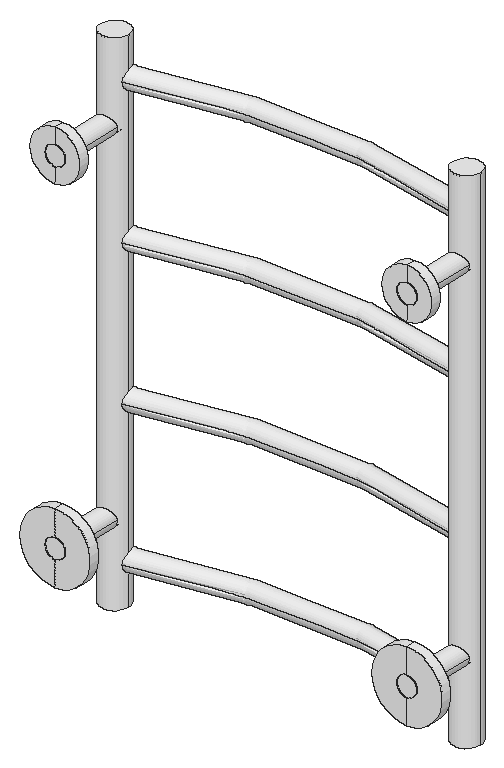
Revit family "LC-4", category Generic Models, host Wall, Revit 2017
Family settings
  Host = Wall
  Can host rebar = No
  Round Connector Dimension = Use Diameter
  Part Type = Normal
  Always vertical = Yes
  Cut with Voids When Loaded = No
  Shared = No
  Room Calculation Point = No
Parameters (values of type "350")
  URL = "http://www.sentakia.com/vesikiertoiset-pyyhekuivaimet/"
  Teho = "kromi: 50 W maalattu: 65 W"
  Sentakia_Material_Default = Steel Chrome plated_sentakia
  RAL-väri [instance] = yes
  RAL-koodi [instance] = ""
  Model = "LC-4/350"
  Materiaali = "kromattu messinki (CuZn36As)"
  Manufacturer = "Sentakia Oy"
  Leveys = 350 mm
  LVI = "5489939"
  Keynote = "6120"
  Kenkäkoukkupari [instance] = no
  Height = 510 mm  # constant formula
  ELO-600 kromi [instance] = no
  EAN = "4770046007566"
  Depth = 88 mm  # constant formula
  Assembly Code = ""
  2-osainen koukku pitkä [instance] = no
  2-osainen koukku lyhyt [instance] = no
Types (3, lengths in mm): name | Teho | Model | Leveys | LVI | EAN
  350 | "kromi: 50 W maalattu: 65 W" | "LC-4/350" | 350 | "5489939" | "4770046007566"
  500 | "kromi: 56 W maalattu: 73 W" | "LC-4/500" | 500 | "5489940" | "4770046005999"
  600 | "kromi: 68 W maalattu: 88 W" | "LC-4/600" | 600 | "5489941" | "4770046007573"
Reference planes
  plane 1 "Wall": y = 0
  plane 2 "Center (Left/Right)": x = 125
  plane 3 "Back": y = 75
  plane 4: z = 1880
  plane 5: y = 163
  plane 6: y = 135
  plane 7 "Center of lower handler": z = 1450
  plane 8: z = 1800
  plane 9: z = 1790
  plane 10: z = 1400
  plane 11: z = 1380
  plane 12 "r": x = 300
  plane 13 "l": x = -50
  plane 14: y = 149
  plane 15: y = 159
  plane 16: y = 139
  plane 17 "Tikas1": z = 1840
  plane 18 "Tikas2": z = 1696.667
  plane 19 "Tikas3": z = 1553.333
  plane 20 "Tikas4": z = 1410
  plane 21 "Bottom": z = 1370
  plane 22: y = 200
Forms (mm)
  Extrusion 1, solid, material "Steel Chrome plated_sentakia" <- "Sentakia_Material_Default", detail levels medium+fine
    sketch origin (0, 0, 0) x (1, 0, 0) y (0, 0, 1)
      loop
        circle (300, 1450) r 10
    from -149 to -75
  Extrusion 2, solid, material "Steel Chrome plated_sentakia" <- "Sentakia_Material_Default", detail levels medium+fine
    sketch origin (0, 0, 0) x (1, 0, 0) y (0, 0, 1)
      loop
        circle (-50, 1450) r 10
    from -149 to -75
  Extrusion 3, solid, material "Steel Chrome plated_sentakia" <- "Sentakia_Material_Default", detail levels medium+fine
    sketch origin (0, 0, 310) x (1, 0, 0) y (0, 0, 1)
      loop
        circle (-50, 1490) r 10
    from -149 to -75
  Extrusion 4, solid, material "Steel Chrome plated_sentakia" <- "Sentakia_Material_Default", detail levels medium+fine
    sketch origin (0, 0, 0) x (1, 0, 0) y (0, 1, 0)
      loop
        circle (-50, 149) r 14
    from 1370 to 1880
  Extrusion 5, solid, material "Steel Chrome plated_sentakia" <- "Sentakia_Material_Default", detail levels medium+fine
    sketch origin (0, 0, 0) x (1, 0, 0) y (0, 1, 0)
      loop
        circle (300, 149) r 14
    from 1370 to 1880
  Revolve 6, solid, material "Steel Chrome plated_sentakia" <- "Sentakia_Material_Default", detail levels medium+fine
    sketch origin (300, 0, 0) x (0, 0, 1) y (0, 1, 0)
      loop
        line (1810, 75) -> (1825, 75) -> (1825, 85) -> (1810, 85) -> (1810, 75)
      axis (1800, 75) -> (1800, 85)
    angle from 0 to 360
  Revolve 7, solid, material "Steel Chrome plated_sentakia" <- "Sentakia_Material_Default", detail levels medium+fine
    sketch origin (-50, 0, 0) x (0, 0, 1) y (0, 1, 0)
      loop
        line (1810, 75) -> (1825, 75) -> (1825, 85) -> (1810, 85) -> (1810, 75)
      axis (1800, 75) -> (1800, 85)
    angle from 0 to 360
  Extrusion 8, solid, material "Steel Chrome plated_sentakia" <- "Sentakia_Material_Default", detail levels medium+fine
    sketch origin (0, 0, 0) x (1, 0, 0) y (0, 0, 1)
      loop
        circle (300, 1800) r 10
    from -149 to -75
  Extrusion 9, solid, material "Steel Chrome plated_sentakia" <- "Sentakia_Material_Default", detail levels coarse
    sketch origin (125, 0, 0) x (0, 1, 0) y (0, 0, 1)
      loop
        line (200, 1880) -> (75, 1880) -> (75, 1370) -> (200, 1370) -> (200, 1880)
    from -175 to 175
  Sweep 10, solid, material "Steel Chrome plated_sentakia" <- "Sentakia_Material_Default", detail levels medium+fine
    path origin (-8600, 149, 1410) x (-1, 0, 0) y (0, 1, 0)
      loop
        arc (-8550, 0) -> (-8725, 25.521) -> (-8900, 0) r 612.766
    profile origin (125, 174.521, 1410) x (0, 1, 0) y (0, 0, 1)
      loop
        circle (0, 0) r 10
  Sweep 11, solid, material "Steel Chrome plated_sentakia" <- "Sentakia_Material_Default", detail levels medium+fine
    path origin (0, 0, 1553.333) x (-1, 0, 0) y (0, 1, 0)
      loop
        arc (50, 149) -> (-125, 174.521) -> (-300, 149) r 612.766
    profile origin (125, 174.521, 1553.333) x (0, 1, 0) y (0, 0, 1)
      loop
        circle (0, 0) r 10
  Sweep 12, solid, material "Steel Chrome plated_sentakia" <- "Sentakia_Material_Default", detail levels medium+fine
    path origin (0, 0, 1696.667) x (0, 1, 0) y (-1, 0, 0)
      loop
        arc (149, 50) -> (174.521, -125) -> (149, -300) r 612.766
    profile origin (125, 174.521, 1696.667) x (0, 1, 0) y (0, 0, 1)
      loop
        circle (0, 0) r 10
  Sweep 13, solid, material "Steel Chrome plated_sentakia" <- "Sentakia_Material_Default", detail levels medium+fine
    path origin (0, 0, 1840) x (0, 1, 0) y (-1, 0, 0)
      loop
        arc (149, 50) -> (174.521, -125) -> (149, -300) r 612.766
    profile origin (125, 174.521, 1840) x (0, 1, 0) y (0, 0, 1)
      loop
        circle (0, 0) r 10
  Revolve 14, solid, material "Steel Chrome plated_sentakia" <- "Sentakia_Material_Default", detail levels medium+fine
    sketch origin (300, 0, 0) x (0, 0, 1) y (0, 1, 0)
      loop
        line (1460, 75) -> (1485, 75) -> (1485, 85) -> (1460, 95) -> (1460, 75)
      axis (1450, 75) -> (1450, 95)
    angle from 0 to 360
  Revolve 15, solid, material "Steel Chrome plated_sentakia" <- "Sentakia_Material_Default", detail levels medium+fine
    sketch origin (-50, 0, 0) x (0, 0, 1) y (0, 1, 0)
      loop
        line (1460, 75) -> (1485, 75) -> (1485, 85) -> (1460, 95) -> (1460, 75)
      axis (1450, 75) -> (1450, 95)
    angle from 0 to 360
Cuts and joins
  joined: Extrusion 4, Extrusion 5, Sweep 10, Sweep 11, Sweep 12, Sweep 13
Text (mm)
  text "Placement Side" at (-1848.837, 1116.779, 0), in view "Ref. Level"
  text "Placement side" at (0, 1409.804, 2854.306), in view "Left"
  text "Placement side" at (0, 499.811, 2980.732), in view "Right"
Dimensions and locks
  locked: plane 3 "Back" to host wall
  "Depth": plane 5 to host wall
  locked: plane 5 to plane 6 at 28
  "Leveys": plane 13 "l" to plane 12 "r"
  plane 8 to level = 1800 mm
  locked: host wall to plane 14 at 74
  locked: plane 15 to plane 16 at 20
  plane 21 "Bottom" to plane 7 "Center of lower handler" = 80 mm
  plane 4 to plane 8 = 80 mm
  plane 8 to plane 18 "Tikas2" to plane 7 "Center of lower handler" = 103.333 mm, 246.667 mm
  equal spacing: plane 13 "l", plane 2 "Center (Left/Right)", plane 12 "r"
  "Height": plane 21 "Bottom" to plane 4
  equal spacing: plane 20 "Tikas4", plane 19 "Tikas3", plane 18 "Tikas2", plane 17 "Tikas1"
  plane 22 to Extrusion 9 = 125 mm
  locked: plane 8 to plane 4 at 80
  locked: plane 21 "Bottom" to plane 7 "Center of lower handler" at 80
  equal spacing: plane 8, plane 17 "Tikas1", plane 4
  equal spacing: plane 21 "Bottom", plane 20 "Tikas4", plane 7 "Center of lower handler"
  aligned and locked: plane 1 "Wall" to host wall
  aligned and locked: Extrusion 1 to host wall
  aligned and locked: Extrusion 2 to host wall
  aligned and locked: Extrusion 3 to host wall
  aligned and locked: Extrusion 2 to plane 14
  aligned and locked: Extrusion 1 to Extrusion 2
  aligned and locked: plane 4 to Extrusion 4
  aligned and locked: plane 4 to Extrusion 5
  aligned and locked: Revolve 6 sketch curve to plane 8
  aligned and locked: Revolve 7 sketch curve to plane 8
  aligned and locked: Extrusion 8 to host wall
  aligned and locked: plane 13 "l" to Extrusion 3 sketch curve
  aligned and locked: plane 12 "r" to Extrusion 8 sketch curve
  aligned and locked: plane 8 to Extrusion 8 sketch curve
  aligned and locked: Extrusion 3 to Extrusion 8
  aligned and locked: Extrusion 8 to plane 14
  aligned and locked: cut or joined group of Extrusion 4, Extrusion 5, Sweep 10, Sweep 11, Sweep 12, Sweep 13 to plane 21 "Bottom"  (x2)
  aligned and locked: plane 4 to Extrusion 9
  aligned and locked: Extrusion 9 to cut or joined group of Extrusion 4, Extrusion 5, Sweep 10, Sweep 11, Sweep 12, Sweep 13
  aligned and locked: Extrusion 9 to plane 12 "r"
  aligned and locked: plane 13 "l" to Extrusion 9
  aligned and locked: Extrusion 9 to host wall
  aligned and locked: plane 22 to Extrusion 9
  aligned and locked: Extrusion 1 to Revolve 14 sketch curve
  aligned and locked: Revolve 14 sketch curve to Extrusion 1
Automatic sketch dimensions
  Extrusion 1 sketch curve to plane 7 "Center of lower handler" = 0 mm
  plane 12 "r" to Extrusion 1 sketch curve = 0 mm
  Extrusion 2 sketch curve to plane 7 "Center of lower handler" = 0 mm
  plane 13 "l" to Extrusion 2 sketch curve = 0 mm
  Extrusion 3 sketch curve to plane 8 = 0 mm
  Extrusion 4 sketch curve to plane 13 "l" = 0 mm
  plane 14 to Extrusion 4 sketch curve = 0 mm
  Extrusion 5 sketch curve to plane 12 "r" = 0 mm
  plane 14 to Extrusion 5 sketch curve = 0 mm
  Revolve 6 sketch curve to host wall = 0 mm  (x2)
  plane 8 to Revolve 6 sketch curve = 10 mm
  Revolve 6 sketch curve to plane 17 "Tikas1" = 15 mm
  host wall to Revolve 6 sketch curve = 10 mm
  plane 6 to Revolve 6 sketch curve = 20 mm
  Revolve 7 sketch curve to host wall = 0 mm  (x2)
  Revolve 7 sketch curve to Revolve 7 sketch curve = 10 mm
  Revolve 7 sketch curve to plane 17 "Tikas1" = 15 mm
  host wall to Revolve 7 sketch curve = 10 mm
  plane 6 to Revolve 7 sketch curve = 20 mm
  Extrusion 9 sketch curve to host wall = 0 mm
  Extrusion 9 sketch curve to plane 21 "Bottom" = 0 mm
  Extrusion 9 sketch curve to plane 22 = 0 mm
  Extrusion 9 sketch curve to plane 4 = 0 mm
  Sweep 10 sketch curve to plane 12 "r" = 0 mm
  Sweep 10 sketch curve to plane 2 "Center (Left/Right)" = 0 mm
  Sweep 10 sketch curve to plane 13 "l" = 0 mm
  plane 14 to Sweep 10 sketch curve = 0 mm
  Sweep 10 sketch curve to plane 1 "Wall" = 438.245 mm
  plane 20 "Tikas4" to Sweep 10 sketch curve = 0 mm
  Sweep 10 sketch curve to profile plane = 0 mm
  Sweep 11 sketch curve to plane 12 "r" = 0 mm
  Sweep 11 sketch curve to plane 2 "Center (Left/Right)" = 0 mm
  Sweep 11 sketch curve to plane 13 "l" = 0 mm
  plane 14 to Sweep 11 sketch curve = 0 mm
  Sweep 11 sketch curve to plane 1 "Wall" = 438.245 mm
  plane 19 "Tikas3" to Sweep 11 sketch curve = 0 mm
  Sweep 11 sketch curve to profile plane = 0 mm
  Sweep 12 sketch curve to plane 2 "Center (Left/Right)" = 0 mm
  Sweep 12 sketch curve to plane 12 "r" = 0 mm
  plane 14 to Sweep 12 sketch curve = 0 mm
  Sweep 12 sketch curve to plane 13 "l" = 0 mm
  plane 1 "Wall" to Sweep 12 sketch curve = 438.245 mm
  Sweep 12 sketch curve to plane 18 "Tikas2" = 0 mm
  Sweep 12 sketch curve to profile plane = 0 mm
  Sweep 13 sketch curve to plane 2 "Center (Left/Right)" = 0 mm
  Sweep 13 sketch curve to plane 12 "r" = 0 mm
  plane 14 to Sweep 13 sketch curve = 0 mm
  Sweep 13 sketch curve to plane 13 "l" = 0 mm
  plane 1 "Wall" to Sweep 13 sketch curve = 438.245 mm
  Sweep 13 sketch curve to plane 17 "Tikas1" = 0 mm
  Sweep 13 sketch curve to profile plane = 0 mm
  Revolve 15 sketch curve to host wall = 0 mm  (x2)
  Revolve 15 sketch curve to plane 7 "Center of lower handler" = 0 mm
  Revolve 15 sketch curve to Revolve 15 sketch curve = 10 mm
  Revolve 15 sketch curve to Revolve 15 sketch curve = 25 mm
  host wall to Revolve 15 sketch curve = 10 mm
  Revolve 15 sketch curve to Revolve 15 sketch curve = 20 mm
  plane 6 to Revolve 15 sketch curve = 11.854 mm
  Revolve 14 sketch curve to host wall = 0 mm
  Revolve 14 sketch curve to Revolve 14 sketch curve = 10 mm
  Revolve 14 sketch curve to Revolve 14 sketch curve = 25 mm
  host wall to Revolve 14 sketch curve = 10 mm
  Revolve 14 sketch curve to Revolve 14 sketch curve = 20 mm
  plane 6 to Revolve 14 sketch curve = 11.854 mm
  radius of Extrusion 1 sketch curve = 10 mm
  radius of Extrusion 2 sketch curve = 10 mm
  radius of Extrusion 3 sketch curve = 10 mm
  radius of Extrusion 4 sketch curve = 14 mm
  radius of Extrusion 5 sketch curve = 14 mm
  radius of Extrusion 8 sketch curve = 10 mm
  radius of Sweep 10 sketch curve = 10 mm
  radius of Sweep 11 sketch curve = 10 mm
  radius of Sweep 12 sketch curve = 10 mm
  radius of Sweep 13 sketch curve = 10 mm
Connectors
  piping at (300, 75, 1450), diameter 12
    settings: on Extrusion 1, index 1, connector inside diameter 609.6 mm, connector length 0 mm, flow factor 0, pipe flow 0.0 L/s, pressure drop 0.0 Pa, fitting loss kfactor 0, connector angle 0.00°, fixture units 0, engagement length 0 mm, angle of deflection 0.00°, flow configuration 0, flow direction 0, fitting loss method 0, system type 22, joint type 0, gender type 0, connector reference index -1, connector utility 0, adjustable connector no, is connector primary yes, connector description ""
  piping at (300, 75, 1450), diameter 12
    settings: on Extrusion 1, index 2, connector inside diameter 609.6 mm, connector length 0 mm, flow factor 0, pipe flow 0.0 L/s, pressure drop 0.0 Pa, fitting loss kfactor 0, connector angle 0.00°, fixture units 0, engagement length 0 mm, angle of deflection 0.00°, flow configuration 0, flow direction 0, fitting loss method 0, system type 22, joint type 0, gender type 0, connector reference index -1, connector utility 0, adjustable connector no, is connector primary no, connector description ""
  piping at (-50, 75, 1450), diameter 12
    settings: on Extrusion 2, index 3, connector inside diameter 609.6 mm, connector length 0 mm, flow factor 0, pipe flow 0.0 L/s, pressure drop 0.0 Pa, fitting loss kfactor 0, connector angle 0.00°, fixture units 0, engagement length 0 mm, angle of deflection 0.00°, flow configuration 0, flow direction 0, fitting loss method 0, system type 22, joint type 0, gender type 0, connector reference index -1, connector utility 0, adjustable connector no, is connector primary no, connector description ""
